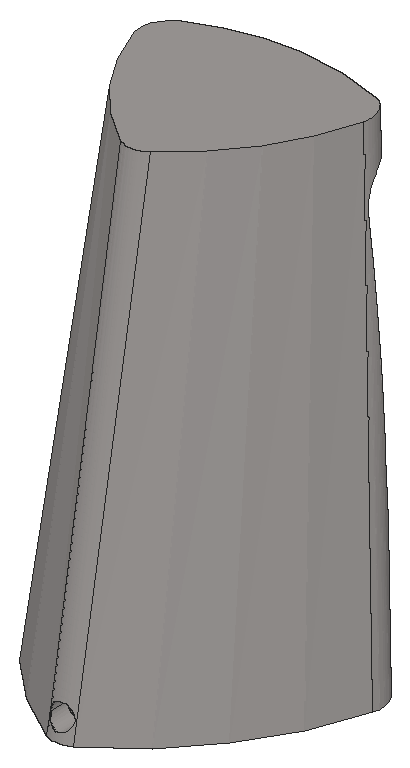
Revit family "FG77435-SUP473283-Stainless_Steel", category Plumbing Fixtures, Revit 2013
Parameters (values of type "FG77435-SUP473283-Stainless_Steel")
  URL = "www.deltafaucet.com"
  Model = "FG77435"  # constant formula
  Manufacturer = "Delta"  # constant formula
  Finish = Stainless-Delta
  Description = "FG77435-SUP473283-Stainless_Steel"
Reference planes (in)
  plane 1 "Center (Front/Back)": y = 0
  plane 2: z = 0
  plane 3 "Center (Left/Right)": x = 0
Forms (in)
  Blend 1, solid, material "Stainless-Delta" <- "Finish"
    base sketch origin (0, 0, 0) x (1, 0, 0) y (0, 1, 0)
      loop
        arc (-1.13901, 0.39583) -> (-0.73768, -0.37638) -> (-0.08485, -0.95188) r 2.37206
        arc (-0.08485, -0.95188) -> (0.01172, -0.97851) -> (0.10829, -0.95188) r 0.18845
        arc (0.10829, -0.95188) -> (0.76033, -0.37739) -> (1.1617, 0.39337) r 2.37206
        arc (1.1617, 0.39337) -> (1.12679, 0.5958) -> (0.94334, 0.68822) r 0.22828
        line (0.94334, 0.68822) -> (-0.92222, 0.68822)
        arc (-0.92222, 0.68822) -> (-1.10422, 0.59659) -> (-1.13901, 0.39583) r 0.22656
    top sketch origin (0, 0, 0) x (1, 0, 0) y (0, 1, 0)
      loop
        arc (-0.68134, 0.9895) -> (-0.79067, 0.88368) -> (-0.80249, 0.73198) r 0.21484
        arc (-0.80249, 0.73198) -> (-0.53221, 0.16885) -> (-0.09553, -0.2778) r 1.92094
        arc (-0.09553, -0.2778) -> (0.01172, -0.31294) -> (0.11896, -0.2778) r 0.1812
        arc (0.11896, -0.2778) -> (0.55507, 0.16803) -> (0.82537, 0.73007) r 1.92094
        arc (0.82537, 0.73007) -> (0.81395, 0.8806) -> (0.7059, 0.98602) r 0.21372
        arc (0.7059, 0.98602) -> (0.01264, 1.13185) -> (-0.68134, 0.9895) r 1.74151
    from 0 to 3.5
  Extrusion 2, void
    sketch origin (0, 0, 0) x (0, 1, 0) y (0, 0, 1)
      loop
        line (0.69622, 2.9585) -> (0.69622, 0) -> (1.50738, 0) -> (1.50738, 3.65302) -> (1.13155, 3.65302) -> (1.13155, 3.45898)
        arc (1.13155, 3.45898) -> (1.08099, 3.30295) -> (0.93631, 3.22571) r 0.21915
        arc (0.93631, 3.22571) -> (0.76506, 3.13811) -> (0.69622, 2.9585) r 0.26874
    from -1.38685 to 1.30281
  Extrusion 3, void
    sketch origin (0, 0, 0) x (1, 0, 0) y (0, 0, 1)
      loop
        circle (0.00927, 0.15099) r 0.09033
    from 0.77678 to 1.04397
Cuts and joins
  Extrusion 2, Extrusion 3 cuts Blend 1
